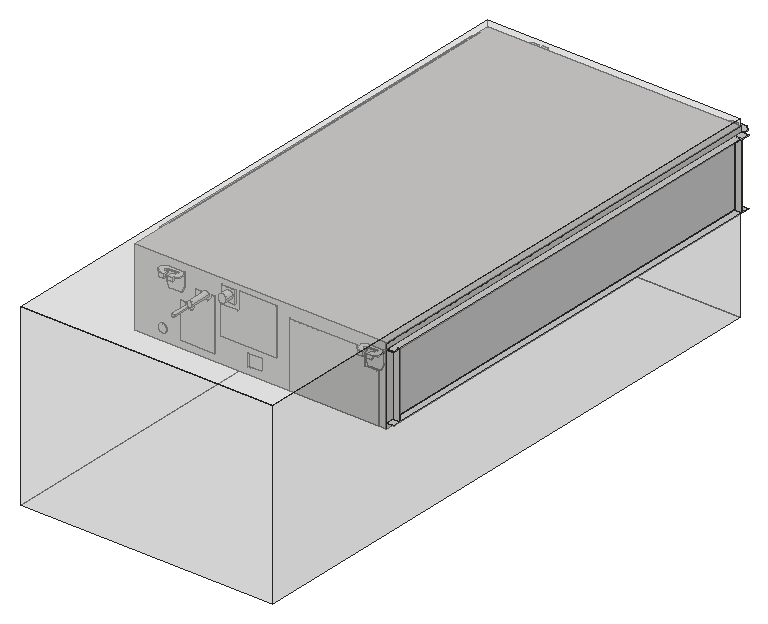
Revit family "outputfile", category 機械設備, Revit 2024
Family settings
  丸型コネクタ寸法 = 半径を使用
  パーツ タイプ = 標準
  OmniClass 番号 = 23.75.10.24.21.27.27
  OmniClass タイトル = Split System Air Conditioning Units
  作業面ベース = いいえ
  常に垂直 = はい
  ロード時にボイドで切り取り = いいえ
  注釈の向きを維持 = いいえ
  共有 = いいえ
  部屋計算ポイント = はい
Parameters (values of type "FBA30BV2S")
  Description = ""
  製造元 = "Daikin"
  書き出し IFC クラス(タイプ) = "IfcUnitaryEquipmentType"
  定義済み IFC タイプ(タイプ) = "AIRCONDITIONINGUNIT"
  Cost = 0
  モデル = "FBA30BV2S"
  Type Comments = ""
  Keynote = ""
  Type Image = (empty or 0)
  Assembly Code = ""
  switch_frequency = yes
  r_Liquid Pipe Size = Liquid Pipe Size / 2  # 4.75 mm
  r_Gas Pipe Size = Gas Pipe Size / 2  # 7.95 mm
  r_Drain Pipe Size = Drain Pipe Size / 2  # 12.5 mm
  lw_power = 770.0 mm  # constant formula
  lh_SA = 138.0 mm  # constant formula
  lw_SA = if(Depth = 550.0 mm, 225.0 mm, if(Depth = 700.0 mm, 300.0 mm, if(Depth = 1000.0 mm, 450.0 mm, if(Depth = 1400.0 mm, 650.0 mm, 725.0 mm))))  # 650.0 mm
  lw_RA = if(Depth = 550.0 mm, 275.0 mm, if(Depth = 700.0 mm, 349.0 mm, if(Depth = 1000.0 mm, 499.0 mm, if(Depth = 1400.0 mm, 699.0 mm, 775.0 mm))))  # 699.0 mm
  lh_power = 60.0 mm + [h***]  # 60.0 mm
  lh_mountinghole1 = lh_mountinghole + [h***]  # 222.0 mm
  lh_RA = 123.0 mm  # constant formula
  ld_power = Depth / 2  # 700.0 mm
  connector_voltage = Voltage_50Hz  # 220 V
  connector_powerinput = [Power Input (Cooling)]  # 2.540 kW
  connector_phase = Phase_50Hz  # 1
  Voltage_comment_50Hz = "220 - 240"
  Voltage_50Hz = 220 V
  URL = ""
  Supply Air Direction [instance] = yes
  Sound Power Level_H speed (dB) = 0
  Phase_50Hz = 1
  Minimum External Static Pressure = 50.00 Pa
  Minimum Circuit Amps_50Hz = 2.3 A
  Maximum Fuse Amps_50Hz = 16.0 A
  Maximum External Static Pressure = 150.00 Pa
  Material_Casing = DAIKIN_GalvanizedSteel_Casing_indoorunit
  lw_mountinghole = 630.0 mm  # constant formula
  lh_gaspipe = 183.0 mm + [h***]  # 183.0 mm
  lh_mountinghole = 222.0 mm  # constant formula
  lh_liquidpipe = 136.0 mm + [h***]  # 136.0 mm
  lh_drainpipe = 207.0 mm + [h***]  # 207.0 mm
  lh_antena = Height - lh_mountinghole + 1.0 mm  # 24.0 mm
  ld_drainpipe = Depth / 2 + 26.0 mm  # 726.0 mm
  ld_liquidpipe = Depth / 2 + 69.0 mm  # 769.0 mm
  ld_gaspipe = Depth / 2 + 65.0 mm  # 765.0 mm
  ld_mountinghole = Depth + 38.0 mm  # 1438.0 mm
  h*** = 0.0 mm  # constant formula
  lw_liquidpipe = 179.0 mm  # constant formula
  lw_gaspipe = 229.0 mm  # constant formula
  lw_drainpipe = 300.0 mm  # constant formula
  Width = 800.0 mm
  Version = "ver.1.0"
  Unit Type = "M.S.P. Duct"
  Unit Mass Weight = 47.00 kg
  Unit Designation [instance] = ""
  Uniclass2015Version = "Products v1.30"
  Uniclass2015Title = "Split coil room air conditioning units"
  Uniclass2015Code = "Pr_70_65_03_86"
  Total Cooling Capacity [instance] = 0.000 kW
  Sound Pressure Level_M speed (dBA) = 35.5
  Sound Pressure Level_L speed (dBA) = 33
  Sound Pressure Level_H speed (dBA) = 38
  Series = "SkyAir_Fan Coil Unit"
  Sensible Cooling Capacity [instance] = 0.000 kW
  SA Duct Size Width = 1192.0 mm
  SA Duct Size Height = 176.0 mm
  Refrigerant Type = "R32"
  RA Duct Size Width = 1352.0 mm
  RA Duct Size Height = 208.0 mm
  Power Input (Cooling) = 2.540 kW
  Option Accessory 3 [instance] = ""
  Option Accessory 2 [instance] = ""
  Option Accessory 1 [instance] = ""
  Nominal Cooling Capacity = 9.100 kW
  Minimum Airflow = 1350.00 m³/h
  Median Airflow = 1620.00 m³/h
  Maximum Airflow = 1920.00 m³/h
  Load Classification = HVAC
  Liquid Pipe Size = 9.5 mm
  Link_Nested Family [instance] = ""
  IfcVersion = ""
  IfcExportType = "AIRCONDITIONINGUNIT"
  IfcExportAs = "IfcUnitaryEquipmentType"
  Height = 245.0 mm
  Heat Exchanger Type = "Cross Fin Coil"
  Gas Pipe Size = 15.9 mm
  Frequency_50Hz = 50 Hz
  Fan Type = "Sirocco Fan"
  Fan Drive = "Direct Drive"
  FCU Tag No. [instance] = ""
  Drain Pipe Size = 25.0 mm
  Design Supply Airflow [instance] = 0.00 m³/h
  Design Return Airflow [instance] = 0.00 m³/h
  Design External Static Pressure [instance] = 0.00 Pa
  Depth = 1400.0 mm
  既定の高さ = 0.0 mm
  Cooling Entering Wet Bulb Temperature [instance] = 0.00 °C
  Cooling Entering Dry Bulb Temperature [instance] = 0.00 °C
  Cooling Ambient Wet Bulb Temperature [instance] = 0.00 °C
  Cooling Ambient Dry Bulb Temperature [instance] = 0.00 °C
  Clearance visibility [instance] = yes
  Clearance Top = 20.0 mm
  Clearance Right = 0.0 mm
  Clearance Rear = 0.0 mm
  Clearance Left = 0.0 mm
  Clearance Front = 450.0 mm
  Clearance Bottom = 300.0 mm
Reference planes
  plane 1 "Center (Front/Back)": y = 0
  plane 2 "h": z = 0
  plane 3 "Center (Left/Right)": x = 0
  plane 4 "Back": y = 700
  plane 5 "Front": y = -700
  plane 6 "Left": x = -400
  plane 7 "Right": x = 400
  plane 8 "Top": z = 0
  plane 9 "Bottom": z = -245
  plane 10: y = -215
  plane 11: y = 700
  plane 12: y = -1150
  plane 13: x = -400
  plane 14: x = 400
  plane 15: z = 20
  plane 16: z = -545
  plane 17: x = -400
  plane 18: x = -399
  plane 19: x = 399
  plane 20: y = 50
  plane 21: y = -1
  plane 22: z = -122
  plane 23: y = -701
  plane 24: z = -109
  plane 25: x = -221
  plane 26: y = -765
  plane 27: z = -62
  plane 28: x = -171
  plane 29: y = -726
  plane 30: z = -38
  plane 31: x = -100
  plane 32: x = -100
  plane 33: x = -221
  plane 34: x = -171
  plane 35: x = 370
  plane 36: x = -266
  plane 37: x = 364
  plane 38: y = -719
  plane 39: y = 719
  plane 40: z = -23
  plane 41: z = -107
  plane 42: y = -769
  plane 43: z = -207
  plane 44: x = -309
  plane 45: y = -376
  plane 46: x = -251
  plane 47: x = -203
  plane 48: x = -144
  plane 49: z = -59
  plane 50: z = -106
  plane 51: z = -221
  plane 52: z = -109
  plane 53: x = -221
  plane 54: z = -62
  plane 55: x = -171
  plane 56: z = -17
  plane 57: z = -59
  plane 58: x = -121
  plane 59: x = -79
  plane 60: x = -125
  plane 61: x = -64
  plane 62: x = 53
  plane 63: z = -164
  plane 64: z = -73
  plane 65: z = -16
  plane 66: x = 93.5
  plane 67: x = 374.5
  plane 68: x = 330
  plane 69: z = -88.5
  plane 70: z = -38
  plane 71: z = -242.5
  plane 72: x = -38.5
  plane 73: x = 6.5
  plane 74: z = -181
  plane 75: z = -221
  plane 76: y = -699
  plane 77: x = -424
  plane 78: x = 424
Forms (mm)
  Extrusion 1, solid, material "DAIKIN_GalvanizedSteel_Casing_indoorunit" <- "Material_Casing"
    sketch origin (0, 0, 0) x (1, 0, 0) y (0, 1, 0)
      loop
        line (-399, 700) -> (-399, -700) -> (399, -700) -> (399, 700) -> (-399, 700)
    from -245 to 0
  Extrusion 2, solid, material "DAIKIN_GalvanizedSteel_Casing_indoorunit" <- "Material_Casing"
    sketch origin (0, 0, 0) x (1, 0, 0) y (0, 0, 1)
      loop
        line (-251, -221) -> (-144, -221) -> (-144, -59) -> (-154.47, -59)
        arc (-154.47, -59) -> (-171, -78.8) -> (-187.53, -59) r 16.8
        line (-187.53, -59) -> (-203, -59) -> (-203, -106) -> (-206.916, -106)
        arc (-206.916, -106) -> (-221, -123.4) -> (-235.084, -106) r 14.4
        line (-235.084, -106) -> (-251, -106) -> (-251, -221)
    from 700 to 701
  Extrusion 3, solid, material "DAIKIN_GalvanizedSteel_Casing_indoorunit" <- "Material_Casing"
    sketch origin (0, 0, 0) x (1, 0, 0) y (0, 0, 1)
      loop
        line (-121, -17) -> (-121, -59) -> (-79, -59) -> (-79, -17) -> (-121, -17)
      loop
        line (-125, -73) -> (-125, -164) -> (53, -164) -> (53, -16) -> (-64, -16) -> (-64, -73) -> (-125, -73)
    from 700 to 701
  Extrusion 4, solid, material "DAIKIN_GalvanizedSteel_Casing_indoorunit" <- "Material_Casing"
    sketch origin (0, 0, 0) x (1, 0, 0) y (0, 0, 1)
      loop
        line (93.5, -38) -> (93.5, -242.5) -> (374.5, -242.5) -> (374.5, -88.5) -> (330, -88.5) -> (330, -38) -> (93.5, -38)
    from 700 to 701
  Extrusion 5, solid, material "DAIKIN_GalvanizedSteel_Casing_indoorunit" <- "Material_Casing"
    sketch origin (0, 0, 0) x (1, 0, 0) y (0, 0, 1)
      loop
        circle (-221, -109) r 4.75
    from 700 to 769
  Extrusion 6, solid, material "DAIKIN_GalvanizedSteel_Casing_indoorunit" <- "Material_Casing"
    sketch origin (0, 0, 0) x (1, 0, 0) y (0, 0, 1)
      loop
        circle (-171, -62) r 7.95
    from 700 to 765
  Extrusion 7, solid, material "DAIKIN_GalvanizedSteel_Casing_indoorunit" <- "Material_Casing"
    sketch origin (0, 0, 0) x (1, 0, 0) y (0, 0, 1)
      loop
        circle (-100, -38) r 12.5
    from 701 to 726
  Extrusion 8, solid, material "DAIKIN_GalvanizedSteel_Casing_indoorunit" <- "Material_Casing"
    sketch origin (0, 0, 0) x (1, 0, 0) y (0, 0, 1)
      loop
        circle (-309, -207) r 13
    from 700 to 526
  Extrusion 9, void
    sketch origin (0, 0, 0) x (1, 0, 0) y (0, 0, 1)
      loop
        line (-38.5, -181) -> (-38.5, -221) -> (6.5, -221) -> (6.5, -181) -> (-38.5, -181)
    from 699 to 700
Cuts and joins
  Extrusion 9 cuts Extrusion 1
Dimensions and locks
  "Height": plane 8 "Top" to plane 9 "Bottom"
  equal spacing: plane 4 "Back", plane 1 "Center (Front/Back)", plane 5 "Front"
  "Depth": plane 4 "Back" to plane 5 "Front"
  equal spacing: plane 6 "Left", plane 3 "Center (Left/Right)", plane 7 "Right"
  "Width": plane 6 "Left" to plane 7 "Right"
  "Clearance Left": plane 13 to plane 6 "Left"
  "Clearance Right": plane 7 "Right" to plane 14
  "Clearance Rear": plane 11 to plane 4 "Back"
  "Clearance Front": plane 5 "Front" to plane 12
  "Clearance Top": plane 15 to plane 8 "Top"
  "Clearance Bottom": plane 9 "Bottom" to plane 16
  locked: plane 17 to plane 18 at 1
  locked: plane 19 to plane 14 at 1
  "lw_SA": plane 11 to plane 20
  "lw_RA": plane 21 to plane 5 "Front"
  "lh_RA": plane 22 to plane 9 "Bottom"
  locked: plane 5 "Front" to plane 23 at 1
  "lw_liquidpipe": plane 25 to plane 6 "Left"
  "lh_liquidpipe": plane 24 to plane 9 "Bottom"
  "lh_gaspipe": plane 27 to plane 9 "Bottom"
  "lw_gaspipe": plane 28 to plane 6 "Left"
  "ld_gaspipe": plane 26 to plane 1 "Center (Front/Back)"
  "ld_drainpipe": plane 29 to plane 1 "Center (Front/Back)"
  "lh_drainpipe": plane 30 to plane 9 "Bottom"
  "lw_drainpipe": plane 31 to plane 6 "Left"
  "lw_drainpipe": plane 6 "Left" to plane 32
  "lw_liquidpipe": plane 6 "Left" to plane 33
  "lw_gaspipe": plane 6 "Left" to plane 34
  "lw_power": plane 6 "Left" to plane 35
  locked: plane 17 to plane 36 at 134
  "lw_mountinghole": plane 36 to plane 37
  equal spacing: plane 38, plane 1 "Center (Front/Back)", plane 39
  "ld_mountinghole": plane 39 to plane 38
  "lh_mountinghole": plane 40 to plane 9 "Bottom"
  "lh_SA": plane 41 to plane 9 "Bottom"
  locked: plane 44 to plane 6 "Left" at 91
  locked: plane 43 to plane 9 "Bottom" at 38
  plane 48 to plane 47 to plane 46 to plane 6 "Left" = 59.0 mm, 48.0 mm, 149.0 mm
  plane 8 "Top" to plane 49 to plane 50 to plane 51 = 59.0 mm locked, 47.0 mm locked, 115.0 mm locked
  plane 55 to plane 53 to plane 6 "Left" = 50.0 mm locked, 179.0 mm locked
  plane 54 to plane 52 to plane 9 "Bottom" = 47.0 mm locked, 136.0 mm locked
  plane 59 to plane 58 to plane 6 "Left" = 42.0 mm locked, 279.0 mm locked
  plane 8 "Top" to plane 56 to plane 57 = 17.0 mm locked, 42.0 mm locked
  plane 62 to plane 61 to plane 60 to plane 6 "Left" = 117.0 mm, 61.0 mm, 275.0 mm
  plane 8 "Top" to plane 65 to plane 64 = 16.0 mm locked, 57.0 mm locked
  locked: plane 65 to plane 63 at 148
  plane 8 "Top" to plane 70 to plane 69 to plane 71 = 38.0 mm locked, 50.5 mm locked, 154.0 mm locked
  plane 67 to plane 68 to plane 66 to plane 6 "Left" = 44.5 mm locked, 236.5 mm locked, 493.5 mm locked
  plane 8 "Top" to plane 74 to plane 75 = 181.0 mm locked, 40.0 mm locked
  plane 73 to plane 72 to plane 6 "Left" = 45.0 mm, 361.5 mm
  locked: plane 76 to plane 5 "Front" at 1
  locked: plane 77 to plane 17 at 24
  locked: plane 14 to plane 78 at 24
  "ld_liquidpipe": plane 42 to plane 1 "Center (Front/Back)"
  "r_Liquid Pipe Size": radius of Extrusion 5 sketch curve
  "r_Gas Pipe Size": radius of Extrusion 6 sketch curve
  "r_Drain Pipe Size": radius of Extrusion 7 sketch curve
  aligned and locked: level to plane 2 "h"
  aligned and locked: plane 8 "Top" to Extrusion 1
  aligned and locked: Extrusion 1 to plane 9 "Bottom"
  aligned and locked: nested 5 to plane 12
  aligned and locked: plane 13 to nested 5
  aligned and locked: plane 14 to nested 5
  aligned and locked: nested 5 to plane 13
  aligned and locked: plane 11 to nested 5
  aligned and locked: plane 15 to nested 5
  aligned and locked: plane 16 to nested 5
  aligned and locked: plane 5 "Front" to Extrusion 1 sketch curve
  aligned and locked: Extrusion 1 to plane 18
  aligned and locked: plane 19 to Extrusion 1
  aligned and locked: nested 7 to plane 18
  aligned and locked: nested 7 to plane 20
  aligned and locked: plane 19 to nested 8
  aligned and locked: plane 21 to nested 8
  aligned and locked: plane 22 to nested 8
  aligned and locked: Extrusion 2 to plane 23
  aligned and locked: plane 5 "Front" to Extrusion 2
  aligned and locked: Extrusion 3 to plane 23
  aligned and locked: plane 5 "Front" to Extrusion 3
  aligned and locked: plane 5 "Front" to Extrusion 4
  aligned and locked: Extrusion 5 sketch curve to plane 25
  aligned and locked: plane 24 to Extrusion 5 sketch curve
  aligned and locked: plane 5 "Front" to Extrusion 5
  aligned and locked: Extrusion 6 sketch curve to plane 28
  aligned and locked: plane 27 to Extrusion 6 sketch curve
  aligned and locked: plane 5 "Front" to Extrusion 6
  aligned and locked: Extrusion 7 sketch curve to plane 31
  aligned and locked: Extrusion 7 sketch curve to plane 30
  aligned and locked: Extrusion 7 to plane 29
  aligned and locked: plane 23 to Extrusion 7
  aligned and locked: nested 3 to plane 29
  aligned and locked: nested 3 to plane 32
  aligned and locked: nested 2 to plane 33
  aligned and locked: nested 1 to plane 34
  aligned and locked: Extrusion 6 to plane 26
  aligned and locked: nested 1 to plane 26
  aligned and locked: nested 6 to plane 5 "Front"
  aligned and locked: nested 6 to plane 35
  aligned and locked: plane 36 to nested 10
  aligned and locked: nested 10 to plane 5 "Front"
  aligned and locked: plane 37 to nested 9
  aligned and locked: nested 9 to plane 5 "Front"
  aligned and locked: nested 11 to plane 36
  aligned and locked: plane 4 "Back" to nested 11
  aligned and locked: nested 12 to plane 37
  aligned and locked: plane 4 "Back" to nested 12
  aligned and locked: plane 40 to nested 10
  aligned and locked: plane 40 to nested 11
  aligned and locked: plane 40 to nested 9
  aligned and locked: plane 40 to nested 12
  aligned and locked: plane 36 to nested 14
  aligned and locked: nested 14 to plane 39
  aligned and locked: plane 37 to nested 13
  aligned and locked: nested 13 to plane 39
  aligned and locked: plane 37 to nested 16
  aligned and locked: plane 38 to nested 16
  aligned and locked: plane 38 to nested 15
  aligned and locked: plane 36 to nested 15
  aligned and locked: plane 17 to plane 6 "Left"
  aligned and locked: plane 41 to nested 7
  aligned and locked: Extrusion 5 to plane 42
  aligned and locked: nested 2 to plane 42
  aligned and locked: Extrusion 8 sketch curve to plane 44
  aligned and locked: plane 43 to Extrusion 8 sketch curve
  aligned and locked: plane 5 "Front" to Extrusion 8
  aligned and locked: Extrusion 3 sketch curve to plane 56
  aligned and locked: Extrusion 3 sketch curve to plane 58
  aligned and locked: plane 57 to Extrusion 3 sketch curve
  aligned and locked: plane 59 to Extrusion 3 sketch curve
  aligned and locked: Extrusion 4 to plane 23
  aligned and locked: Extrusion 9 sketch curve to plane 74
  aligned and locked: plane 75 to Extrusion 9 sketch curve
  aligned and locked: plane 73 to Extrusion 9 sketch curve
  aligned and locked: plane 5 "Front" to Extrusion 9
  aligned and locked: plane 76 to Extrusion 9
  aligned and locked: nested 17 to plane 20
  aligned and locked: nested 17 to plane 77
  aligned and locked: plane 21 to nested 18
  aligned and locked: plane 78 to nested 18
  aligned and locked: plane 41 to nested 17
  aligned and locked: nested 18 to plane 22
  aligned and locked: nested 4 to plane 3 "Center (Left/Right)"
  aligned and locked: plane 1 "Center (Front/Back)" to nested 4
  aligned and locked: level to plane 8 "Top"
Automatic sketch dimensions
  plane 6 "Left" to Extrusion 1 sketch curve = 1.0 mm
  Extrusion 1 sketch curve to plane 7 "Right" = 1.0 mm
  Extrusion 1 sketch curve to plane 4 "Back" = 0.0 mm
  Extrusion 2 sketch curve to plane 46 = 0.0 mm
  Extrusion 2 sketch curve to plane 33 = 0.0 mm
  Extrusion 2 sketch curve to plane 47 = 0.0 mm
  Extrusion 2 sketch curve to plane 34 = 0.0 mm
  Extrusion 2 sketch curve to plane 48 = 0.0 mm
  Extrusion 2 sketch curve to plane 51 = 0.0 mm
  Extrusion 2 sketch curve to plane 52 = 0.0 mm
  Extrusion 2 sketch curve to plane 50 = 0.0 mm  (x3)
  Extrusion 2 sketch curve to plane 54 = 0.0 mm
  Extrusion 2 sketch curve to plane 49 = 0.0 mm  (x3)
  plane 33 to Extrusion 2 sketch curve = 14.084 mm
  plane 34 to Extrusion 2 sketch curve = 16.53 mm
  Extrusion 3 sketch curve to plane 60 = 0.0 mm
  Extrusion 3 sketch curve to plane 61 = 0.0 mm
  Extrusion 3 sketch curve to plane 62 = 0.0 mm
  Extrusion 3 sketch curve to plane 63 = 0.0 mm
  Extrusion 3 sketch curve to plane 64 = 0.0 mm
  Extrusion 3 sketch curve to plane 65 = 0.0 mm
  Extrusion 4 sketch curve to plane 66 = 0.0 mm
  Extrusion 4 sketch curve to plane 68 = 0.0 mm
  Extrusion 4 sketch curve to plane 67 = 0.0 mm
  Extrusion 4 sketch curve to plane 71 = 0.0 mm
  Extrusion 4 sketch curve to plane 69 = 0.0 mm
  Extrusion 4 sketch curve to plane 70 = 0.0 mm
  Extrusion 9 sketch curve to plane 72 = 0.0 mm
  radius of Extrusion 8 sketch curve = 13.0 mm
Nested families
  nested 1: "daikin_connector_rotate2" at (-171, 0, -62), length <- "ld_gaspipe", built-in parameter 1001364 <- "lh_gaspipe", radius <- "r_Gas Pipe Size", type "daikin_connector_rotate2"
    with radius 7.95 mm, length 765.0 mm, angle_vertical 90.00°
  nested 2: "daikin_connector_rotate2" at (-221, 0, -109), length <- "ld_liquidpipe", built-in parameter 1001364 <- "lh_liquidpipe", radius <- "r_Liquid Pipe Size", type "daikin_connector_rotate2"
    with radius 4.75 mm, length 769.0 mm, angle_vertical 90.00°
  nested 3: "daikin_connector_rotate2" at (-100, 0, -38), length <- "ld_drainpipe", built-in parameter 1001364 <- "lh_drainpipe", radius <- "r_Drain Pipe Size", type "daikin_connector_rotate2"
    with radius 12.5 mm, length 726.0 mm, angle_vertical 90.00°
  nested 4: "daikin_△_symbolicline" at (0, 0, 245) x (0, -1, 0) z (0, 0, 1), built-in parameter 1001364 <- "Height", visible <- "Supply Air Direction", type "daikin_△_symbolicline"
    with length 200.0 mm
  nested 5: "daikin_clearancespace" at (0, -225, -262.381), visible <- "Clearance visibility", show <- "Clearance visibility", Link_Nested Family <- "Link_Nested Family", type "daikin_clearancespace"
    with width 800.0 mm, show yes, height 565.0 mm, depth 1850.0 mm, Link_Nested Family ""
  nested 6: "daikin_connector_rotate2" at (370, 0, -185), built-in parameter 1001364 <- "lh_power", length <- "ld_power", type "daikin_connector_rotate2"
    with radius 10.0 mm, length 700.0 mm, angle_vertical 90.00°
  nested 7: "daikin_ductflange_FBA-BV2S2" at (-399, 50, -107) x (0, -1, 0) z (0, 0, 1), type "daikin_ductflange_FBA-BV2S2"
  nested 8: "daikin_ductflange_FBA-BV2S" at (399, -1, -122) x (0, 1, 0) z (0, 0, 1), type "daikin_ductflange_FBA-BV2S"
    with width 1352.0 mm, lw 25.0 mm, w 1400.0 mm
  nested 9: "daikin_hangerfixture_FBA-BV2S" at (364, -700, -23), type "daikin_hangerfixture_FBA-BV2S"
  nested 10: "daikin_hangerfixture_FBA-BV2S" at (-266, -700, -23), type "daikin_hangerfixture_FBA-BV2S"
  nested 11: "daikin_hangerfixture_FBA-BV2S" at (-266, 700, -23) x (-1, 0, 0) z (0, 0, 1), type "daikin_hangerfixture_FBA-BV2S"
  nested 12: "daikin_hangerfixture_FBA-BV2S" at (364, 700, -23) x (-1, 0, 0) z (0, 0, 1), type "daikin_hangerfixture_FBA-BV2S"
  nested 13: "daikin_mountinghole" at (364, 719, -245), h_mountinghole <- "lh_mountinghole1", l_antenna <- "lh_antena", Link_Nested Family <- "Link_Nested Family", type "daikin_mountinghole"
    with show yes, l_antenna 24.0 mm, h_mountinghole 222.0 mm, Link_Nested Family ""
  nested 14: "daikin_mountinghole" at (-266, 719, -245), h_mountinghole <- "lh_mountinghole1", l_antenna <- "lh_antena", Link_Nested Family <- "Link_Nested Family", type "daikin_mountinghole"
    with show yes, l_antenna 24.0 mm, h_mountinghole 222.0 mm, Link_Nested Family ""
  nested 15: "daikin_mountinghole" at (-266, -719, -245), h_mountinghole <- "lh_mountinghole1", l_antenna <- "lh_antena", Link_Nested Family <- "Link_Nested Family", type "daikin_mountinghole"
    with show yes, l_antenna 24.0 mm, h_mountinghole 222.0 mm, Link_Nested Family ""
  nested 16: "daikin_mountinghole" at (364, -719, -245), h_mountinghole <- "lh_mountinghole1", l_antenna <- "lh_antena", Link_Nested Family <- "Link_Nested Family", type "daikin_mountinghole"
    with show yes, l_antenna 24.0 mm, h_mountinghole 222.0 mm, Link_Nested Family ""
  nested 17: "daikin_connector_rotate2" at (-400, 50, -107) x (0, -1, 0) z (0, 0, 1), type "daikin_connector_rotate2"
    with radius 10.0 mm, length 24.0 mm, angle_vertical 90.00°
  nested 18: "daikin_connector_rotate2" at (400, -1, -122) x (0, 1, 0) z (0, 0, 1), type "daikin_connector_rotate2"
    with radius 10.0 mm, length 24.0 mm, angle_vertical 90.00°
Connectors
  piping at (-100, -726, -38), diameter 25, driven by "r_Drain Pipe Size"
    settings: on nested 3, index 3, connector inside diameter 609.6 mm, connector length 0.0 mm, flow factor 0, pipe flow 0.00 m³/h, pressure drop 0.0 Pa, fitting loss kfactor 0, connector angle 0.00°, fixture units 0, engagement length 0.0 mm, angle of deflection 0.00°, flow configuration 1, flow direction 2, fitting loss method 4, system type 16, joint type 0, gender type 0, connector reference index -1, connector utility 0, adjustable connector no, is connector primary yes, connector description "Condensate Drain Piping"
  piping at (-171, -765, -62), diameter 15.9, driven by "r_Gas Pipe Size"
    settings: on nested 1, index 4, connector inside diameter 609.6 mm, connector length 0.0 mm, flow factor 0, pipe flow 0.00 m³/h, pressure drop 0.0 Pa, fitting loss kfactor 0, connector angle 0.00°, fixture units 0, engagement length 0.0 mm, angle of deflection 0.00°, flow configuration 1, flow direction 2, fitting loss method 0, system type 29, joint type 0, gender type 0, connector reference index -1, connector utility 0, adjustable connector no, is connector primary no, connector description "Refrigerant Gas Piping"
  piping at (-221, -769, -109), diameter 9.5, driven by "r_Liquid Pipe Size"
    settings: on nested 2, index 5, connector inside diameter 609.6 mm, connector length 0.0 mm, flow factor 0, pipe flow 0.00 m³/h, pressure drop 0.0 Pa, fitting loss kfactor 0, connector angle 0.00°, fixture units 0, engagement length 0.0 mm, angle of deflection 0.00°, flow configuration 1, flow direction 1, fitting loss method 0, system type 29, joint type 0, gender type 0, connector reference index -1, connector utility 0, adjustable connector no, is connector primary no, connector description "Refrigerant Liquid Piping"
  electrical at (370, -700, -185), driven by "Load Classification", driven by "connector_voltage", driven by "connector_phase", driven by "connector_powerinput"
    settings: on nested 6, index 6, voltage 220 V, apparent load 2540 VA, apparent load phase1 0 VA, apparent load phase2 0 VA, apparent load phase3 0 VA, power factor 1, load classification "HVAC", number of poles 1, system type 30, power factor state 1, is connector primary yes, connector utility no, sub classification motor no, connector description "Power Supply"
  hvac at (-424, 50, -107), driven by "SA Duct Size Height", driven by "SA Duct Size Width"
    settings: on nested 17, index 7, duct flow 0.00 m³/h, flow factor 0, pres drop 0.00 Pa, loss coef 0, conn angle 0.00°, conn width 1192.0 mm, conn height 176.0 mm, conn diameter 609.6 mm, duct sys type 1, conn prof type 1, flow config 0, flow direction 2, loss method 4, conn ref index -1, conn util no, is conn primary yes, conn desc "SA Duct"
  hvac at (424, -1, -122), driven by "RA Duct Size Height", driven by "RA Duct Size Width"
    settings: on nested 18, index 8, duct flow 0.00 m³/h, flow factor 0, pres drop 0.00 Pa, loss coef 0, conn angle 0.00°, conn width 1352.0 mm, conn height 208.0 mm, conn diameter 609.6 mm, duct sys type 2, conn prof type 1, flow config 0, flow direction 1, loss method 4, conn ref index -1, conn util no, is conn primary no, conn desc "RA Duct"
Definition of nested family "daikin_clearancespace"
  Parameters (values of type "daikin_clearancespace")
    Description = "daikin_clearancespace"
    width [instance] = 1823.963 mm
    show [instance] = yes
    material = none
    height [instance] = 1359.762 mm
    depth [instance] = 880.0 mm
    Default Elevation = 0.0 mm
    Link_Nested Family [instance] = ""
  Reference planes
    plane 1 "Center (Front/Back)": y = 0
    plane 2 "Center (Elevation)": z = -0.119
    plane 3 "Center (Left/Right)": x = 0
    plane 4: y = 440
    plane 5: y = -440
    plane 6 "Right": x = 911.982
    plane 7 "Left": x = -911.982
    plane 8 "Top": z = 679.762
    plane 9 "Bottom": z = -680
  Forms (mm)
    Extrusion 1, solid, material <- "material", visible <- "show"
      sketch origin (0, 0, 0) x (1, 0, 0) y (0, 1, 0)
        loop
          line (-911.982, 440) -> (-911.982, -440) -> (911.982, -440) -> (911.982, 440) -> (-911.982, 440)
      from -680 to 679.762
  Lines and regions (mm)
    symbolic lines, visible <- "show"
      curve 1: line (911.982, 440, 0) -> (-911.982, 440, 0)
      curve 2: line (-911.982, 440, 0) -> (-911.982, -440, 0)
      curve 3: line (-911.982, -440, 0) -> (911.982, -440, 0)
      curve 4: line (911.982, -440, 0) -> (911.982, 440, 0)
      curve 5: line (911.982, 0, 679.762) -> (-911.982, 0, 679.762)
      curve 6: line (911.982, 0, -680) -> (911.982, 0, 679.762)
      curve 7: line (-911.982, 0, -680) -> (911.982, 0, -680)
      curve 8: line (-911.982, 0, 679.762) -> (-911.982, 0, -680)
      curve 9: line (0, 440, 679.762) -> (0, -440, 679.762)
      curve 10: line (0, -440, 679.762) -> (0, -440, -680)
      curve 11: line (0, 440, -680) -> (0, 440, 679.762)
      curve 12: line (0, -440, -680) -> (0, 440, -680)
  Dimensions and locks
    "width": plane 7 "Left" to plane 6 "Right"
    "depth": plane 4 to plane 5
    "height": plane 8 "Top" to plane 9 "Bottom"
    equal spacing: plane 7 "Left", plane 3 "Center (Left/Right)", plane 6 "Right"
    equal spacing: plane 4, plane 1 "Center (Front/Back)", plane 5
    equal spacing: plane 8 "Top", plane 2 "Center (Elevation)", plane 9 "Bottom"
    aligned and locked: level to plane 2 "Center (Elevation)"
    aligned and locked: Extrusion 1 sketch curve to plane 4
    aligned and locked: plane 7 "Left" to Extrusion 1 sketch curve
    aligned and locked: Extrusion 1 sketch curve to plane 5
    aligned and locked: Extrusion 1 sketch curve to plane 6 "Right"
    aligned and locked: plane 8 "Top" to Extrusion 1
    aligned and locked: curve 1 to Extrusion 1
    aligned and locked: curve 2 to Extrusion 1
    aligned and locked: curve 3 to Extrusion 1
    aligned and locked: curve 4 to Extrusion 1
    aligned and locked: curve 5 to Extrusion 1
    aligned and locked: curve 6 to Extrusion 1
    aligned and locked: curve 7 to Extrusion 1
    aligned and locked: curve 8 to Extrusion 1
    aligned and locked: curve 9 to Extrusion 1
    aligned and locked: curve 10 to Extrusion 1
    aligned and locked: curve 11 to Extrusion 1
    aligned and locked: curve 12 to Extrusion 1
    aligned and locked: Extrusion 1 to plane 9 "Bottom"
Definition of nested family "daikin_ductflange_FBA-BV2S2"
  Parameters (values of type "daikin_ductflange_FBFC-DVMG2")
    width = if(w = 550.0 mm, 337.0 mm, if(w = 700.0 mm, 492.0 mm, if(w = 1000.0 mm, 792.0 mm, if(w = 1400.0 mm, 1192.0 mm, 1337.0 mm))))  # 1192.0 mm
    material = none
    height = 215.0 mm
    depth = 1.0 mm
    w = 1400.0 mm
    Default Elevation = 0.0 mm
  Reference planes
    plane 1 "Center (Front/Back)": y = 0
    plane 2: z = 0
    plane 3 "Center (Left/Right)": x = 0
    plane 4: z = 88
    plane 5: z = -88
    plane 6: y = -25
    plane 7: z = 106
    plane 8: z = 89
    plane 9: y = -1
    plane 10: x = -617.5
    plane 11: x = 617.5
    plane 12: z = -106
    plane 13: z = -89
    plane 14: y = -1
    plane 15: x = 596
    plane 16: x = -596
    plane 17: x = 597
    plane 18: z = 87
    plane 19: z = -87
    plane 20: x = -597
    plane 21: z = 87
    plane 22: z = -87
    plane 23: y = -1
  Forms (mm)
    Extrusion 1, solid, material <- "material"
      sketch origin (0, 0, 0) x (0, 1, 0) y (0, 0, 1)
        loop
          line (-25, 88) -> (0, 88) -> (0, 106) -> (-1, 106) -> (-1, 89) -> (-25, 89) -> (-25, 88)
      from -617.5 to 617.5
    Extrusion 2, solid, material <- "material"
      sketch origin (0, 0, 0) x (0, 1, 0) y (0, 0, 1)
        loop
          line (-25, -88) -> (-25, -89) -> (-1, -89) -> (-1, -106) -> (0, -106) -> (0, -88) -> (-25, -88)
      from -617.5 to 617.5
    Extrusion 3, solid, material <- "material"
      sketch origin (0, 0, 0) x (1, 0, 0) y (0, 0, 1)
        loop
          line (596, 88) -> (596, -88) -> (617.5, -88) -> (617.5, -87) -> (597, -87) -> (597, 87) -> (617.5, 87) -> (617.5, 88) -> (596, 88)
      from 0 to 25
    Extrusion 4, solid, material <- "material"
      sketch origin (0, 0, 0) x (1, 0, 0) y (0, 0, 1)
        loop
          line (-617.5, 88) -> (-617.5, 87) -> (-597, 87) -> (-597, -87) -> (-617.5, -87) -> (-617.5, -88) -> (-596, -88) -> (-596, 88) -> (-617.5, 88)
      from 0 to 25
    Extrusion 5, solid, material <- "material"
      sketch origin (0, 0, 0) x (1, 0, 0) y (0, 0, 1)
        loop
          line (-617.5, 88) -> (-617.5, -88) -> (-596, -88) -> (-596, 88) -> (-617.5, 88)
        loop
          line (617.5, 88) -> (596, 88) -> (596, -88) -> (617.5, -88) -> (617.5, 88)
      from 0 to 1
  Cuts and joins
    joined: Extrusion 1, Extrusion 2, Extrusion 3, Extrusion 4, Extrusion 5
  Dimensions and locks
    plane 4 to level to plane 5 = 88.0 mm, 88.0 mm
    locked: plane 6 to plane 1 "Center (Front/Back)" at 25
    locked: plane 9 to plane 1 "Center (Front/Back)" at 1
    locked: plane 8 to plane 4 at 1
    locked: plane 16 to plane 10 at 21.5
    locked: plane 17 to plane 15 at 1
    locked: plane 4 to plane 18 at 1
    locked: plane 19 to plane 5 at 1
    "width": plane 15 to plane 16
    plane 4 to plane 5 = 176.0 mm
    locked: plane 16 to plane 20 at 1
    locked: plane 4 to plane 21 at 1
    locked: plane 22 to plane 5 at 1
    locked: plane 23 to plane 1 "Center (Front/Back)" at 1
    plane 4 to level to plane 5 = 88.0 mm locked, 88.0 mm locked
    locked: plane 5 to plane 13 at 1
    locked: plane 5 to plane 12 at 18
    locked: plane 7 to plane 4 at 18
    equal spacing: plane 15, plane 3 "Center (Left/Right)", plane 16
    locked: plane 11 to plane 15 at 21.5
    plane 11 to plane 10 = 1235.0 mm
    aligned and locked: level to plane 2
    aligned and locked: Extrusion 1 to plane 10
    aligned and locked: plane 11 to Extrusion 1
    aligned and locked: plane 5 to Extrusion 2
    aligned and locked: Extrusion 2 to plane 1 "Center (Front/Back)"
    aligned and locked: plane 15 to Extrusion 3 sketch curve
    aligned and locked: Extrusion 3 sketch curve to Extrusion 2  (x2)
    aligned and locked: Extrusion 3 sketch curve to plane 11
    aligned and locked: plane 6 to Extrusion 3
    aligned and locked: Extrusion 2 to plane 10
    aligned and locked: plane 11 to Extrusion 2
    aligned and locked: Extrusion 4 sketch curve to Extrusion 1  (x2)
    aligned and locked: plane 5 to Extrusion 4 sketch curve
    aligned and locked: Extrusion 4 sketch curve to plane 16
    aligned and locked: Extrusion 4 sketch curve to plane 22
    aligned and locked: plane 20 to Extrusion 4 sketch curve
    aligned and locked: plane 21 to Extrusion 4 sketch curve
    aligned and locked: Extrusion 4 to plane 1 "Center (Front/Back)"
    aligned and locked: plane 6 to Extrusion 4
    aligned and locked: Extrusion 5 sketch curve to Extrusion 1  (x4)
    aligned and locked: Extrusion 5 sketch curve to Extrusion 4  (x2)
    aligned and locked: Extrusion 5 sketch curve to Extrusion 3  (x2)
    aligned and locked: Extrusion 5 to plane 1 "Center (Front/Back)"
    aligned and locked: plane 23 to Extrusion 5
  Automatic sketch dimensions
    Extrusion 1 sketch curve to plane 6 = 0.0 mm
    Extrusion 1 sketch curve to plane 7 = 0.0 mm
    Extrusion 1 sketch curve to plane 9 = 0.0 mm
    Extrusion 1 sketch curve to plane 1 "Center (Front/Back)" = 0.0 mm
    Extrusion 1 sketch curve to plane 4 = 0.0 mm
    Extrusion 1 sketch curve to plane 8 = 0.0 mm
    Extrusion 2 sketch curve to plane 6 = 0.0 mm
    plane 12 to Extrusion 2 sketch curve = 0.0 mm
    Extrusion 2 sketch curve to plane 14 = 0.0 mm
    Extrusion 2 sketch curve to plane 1 "Center (Front/Back)" = 0.0 mm
    plane 13 to Extrusion 2 sketch curve = 0.0 mm
    Extrusion 2 sketch curve to plane 5 = 0.0 mm
    Extrusion 3 sketch curve to plane 17 = 0.0 mm
    Extrusion 3 sketch curve to plane 19 = 0.0 mm
    Extrusion 3 sketch curve to plane 18 = 0.0 mm
    Extrusion 3 sketch curve to plane 4 = 0.0 mm
    Extrusion 4 sketch curve to plane 10 = 0.0 mm
Definition of nested family "daikin_ductflange_FBA-BV2S"
  Parameters (values of type "daikin_ductflange_FBFC-DVMG")
    width = if(w = 550.0 mm, 502.0 mm, if(w = 700.0 mm, 654.0 mm, if(w = 1000.0 mm, 952.0 mm, if(w = 1400.0 mm, 1352.0 mm, 1502.0 mm))))  # 654.0 mm
    material = none
    lw = if(width = 654.0 mm, 23.0 mm, 25.0 mm)  # 23.0 mm
    height = 208.0 mm
    depth = 1.0 mm
    w = 700.0 mm
    Default Elevation = 0.0 mm
  Reference planes
    plane 1 "Center (Front/Back)": y = 0
    plane 2: z = 0
    plane 3 "Center (Left/Right)": x = 0
    plane 4: z = 104
    plane 5: z = -104
    plane 6: y = -25
    plane 7: z = 121
    plane 8: z = 105
    plane 9: y = -1
    plane 10: x = -350
    plane 11: x = 350
    plane 12: z = -122
    plane 13: z = -105
    plane 14: y = -1
    plane 15: x = 327
    plane 16: x = -327
    plane 17: x = 328
    plane 18: z = 103
    plane 19: z = -103
    plane 20: x = -328
    plane 21: z = 103
    plane 22: z = -103
    plane 23: y = -1
  Forms (mm)
    Extrusion 1, solid, material <- "material"
      sketch origin (0, 0, 0) x (0, 1, 0) y (0, 0, 1)
        loop
          line (-25, 104) -> (0, 104) -> (0, 121) -> (-1, 121) -> (-1, 105) -> (-25, 105) -> (-25, 104)
      from -350 to 350
    Extrusion 2, solid, material <- "material"
      sketch origin (0, 0, 0) x (0, 1, 0) y (0, 0, 1)
        loop
          line (-25, -104) -> (-25, -105) -> (-1, -105) -> (-1, -122) -> (0, -122) -> (0, -104) -> (-25, -104)
      from -350 to 350
    Extrusion 3, solid, material <- "material"
      sketch origin (0, 0, 0) x (1, 0, 0) y (0, 0, 1)
        loop
          line (327, 104) -> (327, -104) -> (350, -104) -> (350, -103) -> (328, -103) -> (328, 103) -> (350, 103) -> (350, 104) -> (327, 104)
      from 0 to 25
    Extrusion 4, solid, material <- "material"
      sketch origin (0, 0, 0) x (1, 0, 0) y (0, 0, 1)
        loop
          line (-350, 104) -> (-350, 103) -> (-328, 103) -> (-328, -103) -> (-350, -103) -> (-350, -104) -> (-327, -104) -> (-327, 104) -> (-350, 104)
      from 0 to 25
    Extrusion 5, solid, material <- "material"
      sketch origin (0, 0, 0) x (1, 0, 0) y (0, 0, 1)
        loop
          line (-350, 104) -> (-350, -104) -> (-327, -104) -> (-327, 104) -> (-350, 104)
        loop
          line (350, 104) -> (327, 104) -> (327, -104) -> (350, -104) -> (350, 104)
      from 0 to 1
  Cuts and joins
    joined: Extrusion 1, Extrusion 2, Extrusion 3, Extrusion 4, Extrusion 5
  Dimensions and locks
    plane 4 to level to plane 5 = 104.0 mm, 104.0 mm
    locked: plane 6 to plane 1 "Center (Front/Back)" at 25
    locked: plane 9 to plane 1 "Center (Front/Back)" at 1
    locked: plane 8 to plane 4 at 1
    "lw": plane 11 to plane 15
    "lw": plane 16 to plane 10
    locked: plane 17 to plane 15 at 1
    locked: plane 4 to plane 18 at 1
    locked: plane 19 to plane 5 at 1
    "width": plane 15 to plane 16
    equal spacing: plane 15, plane 3 "Center (Left/Right)", plane 16
    locked: plane 16 to plane 20 at 1
    locked: plane 4 to plane 21 at 1
    locked: plane 22 to plane 5 at 1
    locked: plane 23 to plane 1 "Center (Front/Back)" at 1
    locked: plane 7 to plane 4 at 17
    locked: plane 1 "Center (Front/Back)" to plane 14 at 1
    locked: plane 5 to plane 13 at 1
    "height": plane 4 to plane 5
    plane 11 to plane 10 = 700.0 mm
    locked: plane 12 to plane 13 at 17
    equal spacing: plane 4, level, plane 5
    aligned and locked: level to plane 2
    aligned and locked: Extrusion 1 to plane 10
    aligned and locked: plane 11 to Extrusion 1
    aligned and locked: plane 5 to Extrusion 2
    aligned and locked: Extrusion 2 to plane 1 "Center (Front/Back)"
    aligned and locked: plane 15 to Extrusion 3 sketch curve
    aligned and locked: Extrusion 3 sketch curve to Extrusion 2  (x2)
    aligned and locked: Extrusion 3 sketch curve to plane 11
    aligned and locked: plane 6 to Extrusion 3
    aligned and locked: Extrusion 2 to plane 10
    aligned and locked: plane 11 to Extrusion 2
    aligned and locked: Extrusion 4 sketch curve to Extrusion 1  (x2)
    aligned and locked: plane 5 to Extrusion 4 sketch curve
    aligned and locked: Extrusion 4 sketch curve to plane 16
    aligned and locked: Extrusion 4 sketch curve to plane 22
    aligned and locked: plane 20 to Extrusion 4 sketch curve
    aligned and locked: plane 21 to Extrusion 4 sketch curve
    aligned and locked: Extrusion 4 to plane 1 "Center (Front/Back)"
    aligned and locked: plane 6 to Extrusion 4
    aligned and locked: Extrusion 5 sketch curve to Extrusion 1  (x4)
    aligned and locked: Extrusion 5 sketch curve to Extrusion 4  (x2)
    aligned and locked: Extrusion 5 sketch curve to Extrusion 3  (x2)
    aligned and locked: Extrusion 5 to plane 1 "Center (Front/Back)"
    aligned and locked: plane 23 to Extrusion 5
  Automatic sketch dimensions
    Extrusion 1 sketch curve to plane 6 = 0.0 mm
    Extrusion 1 sketch curve to plane 7 = 0.0 mm
    Extrusion 1 sketch curve to plane 9 = 0.0 mm
    Extrusion 1 sketch curve to plane 1 "Center (Front/Back)" = 0.0 mm
    Extrusion 1 sketch curve to plane 4 = 0.0 mm
    Extrusion 1 sketch curve to plane 8 = 0.0 mm
    Extrusion 2 sketch curve to plane 6 = 0.0 mm
    plane 12 to Extrusion 2 sketch curve = 0.0 mm
    Extrusion 2 sketch curve to plane 14 = 0.0 mm
    Extrusion 2 sketch curve to plane 1 "Center (Front/Back)" = 0.0 mm
    plane 13 to Extrusion 2 sketch curve = 0.0 mm
    Extrusion 2 sketch curve to plane 5 = 0.0 mm
    Extrusion 3 sketch curve to plane 17 = 0.0 mm
    Extrusion 3 sketch curve to plane 19 = 0.0 mm
    Extrusion 3 sketch curve to plane 18 = 0.0 mm
    Extrusion 3 sketch curve to plane 4 = 0.0 mm
    Extrusion 4 sketch curve to plane 10 = 0.0 mm
Definition of nested family "daikin_hangerfixture_FBA-BV2S"
  Parameters (values of type "daikin_hangerfixture_FXMQ-PAVE")
    width = 72.0 mm
    material = none
    height = 60.0 mm
    depth = 41.0 mm
    Default Elevation = 0.0 mm
  Reference planes
    plane 1 "Center (Front/Back)": y = 0
    plane 2: z = 0
    plane 3 "Center (Left/Right)": x = 0
    plane 4: y = 417.146
    plane 5: y = -41
    plane 6: x = -36
    plane 7: x = 36
    plane 8: z = -2.3
    plane 9: z = -60
    plane 10: y = -2.3
    plane 11: z = -12
    plane 12: y = -38.7
  Forms (mm)
    Extrusion 1, solid, material <- "material"
      sketch origin (0, 0, 0) x (1, 0, 0) y (0, 1, 0)
        loop
          line (-28, 0) -> (-28, -5)
          arc (-28, -5) -> (-29.127, -8.162) -> (-32, -9.899) r 5
          arc (-32, -9.899) -> (-34.873, -11.636) -> (-36, -14.798) r 5
          line (-36, -14.798) -> (-36, -27.178)
          arc (-36, -27.178) -> (-35.429, -29.499) -> (-33.846, -31.289) r 5
          line (-33.846, -31.289) -> (-23, -38.798) -> (-23, -41.098) -> (-6.5, -41.098) -> (-6.5, -28.498)
          arc (-6.5, -28.498) -> (-7.379, -26.377) -> (-9.5, -25.498) r 3
          line (-9.5, -25.498) -> (-13.5, -25.498)
          arc (-13.5, -25.498) -> (-20, -18.998) -> (-13.5, -12.498) r 6.5
          line (-13.5, -12.498) -> (13.5, -12.498)
          arc (13.5, -12.498) -> (20, -18.998) -> (13.5, -25.498) r 6.5
          line (13.5, -25.498) -> (9.5, -25.498)
          arc (9.5, -25.498) -> (7.379, -26.377) -> (6.5, -28.498) r 3
          line (6.5, -28.498) -> (6.5, -41.098) -> (23, -41.098) -> (23, -38.798) -> (33.846, -31.289)
          arc (33.846, -31.289) -> (35.429, -29.499) -> (36, -27.178) r 5
          line (36, -27.178) -> (36, -14.596)
          arc (36, -14.596) -> (34.873, -11.434) -> (32, -9.697) r 5
          arc (32, -9.697) -> (29.127, -7.96) -> (28, -4.798) r 5
          line (28, -4.798) -> (28, 0) -> (-28, 0)
      from 0 to -2.3
    Extrusion 2, solid, material <- "material"
      sketch origin (0, 0, 0) x (1, 0, 0) y (0, 0, 1)
        loop
          line (28, -39.037) -> (28, 0) -> (-28, 0) -> (-28, -39.037)
          arc (-28, -39.037) -> (-27.91, -39.983) -> (-27.642, -40.894) r 5
          line (-27.642, -40.894) -> (-21.257, -56.857)
          arc (-21.257, -56.857) -> (-19.418, -59.14) -> (-16.615, -60) r 5
          line (-16.615, -60) -> (16.615, -60)
          arc (16.615, -60) -> (19.418, -59.14) -> (21.257, -56.857) r 5
          line (21.257, -56.857) -> (27.642, -40.894)
          arc (27.642, -40.894) -> (27.91, -39.983) -> (28, -39.037) r 5
      from 0 to 2.3
    Extrusion 3, solid, material <- "material"
      sketch origin (0, 0, 0) x (1, 0, 0) y (0, 0, 1)
        loop
          line (-23, 0) -> (-23, -9)
          arc (-23, -9) -> (-22.121, -11.121) -> (-20, -12) r 3
          line (-20, -12) -> (-9.5, -12)
          arc (-9.5, -12) -> (-7.379, -11.121) -> (-6.5, -9) r 3
          line (-6.5, -9) -> (-6.5, 0) -> (-23, 0)
        loop
          line (23, 0) -> (6.5, 0) -> (6.5, -9)
          arc (6.5, -9) -> (7.379, -11.121) -> (9.5, -12) r 3
          line (9.5, -12) -> (20, -12)
          arc (20, -12) -> (22.121, -11.121) -> (23, -9) r 3
          line (23, -9) -> (23, 0)
      from 38.8 to 41.098
  Cuts and joins
    joined: Extrusion 1, Extrusion 2, Extrusion 3
  Dimensions and locks
    plane 2 to plane 8 = 2.3 mm
    "height": plane 2 to plane 9
    locked: plane 10 to plane 1 "Center (Front/Back)" at 2.3
    locked: plane 2 to plane 11 at 12
    locked: plane 12 to plane 5 at 2.3
    aligned and locked: level to plane 2
    aligned and locked: Extrusion 1 to plane 8
    aligned and locked: plane 2 to Extrusion 1
    aligned and locked: plane 2 to Extrusion 2 sketch curve
    aligned and locked: Extrusion 2 to plane 10
    aligned and locked: Extrusion 2 to plane 1 "Center (Front/Back)"
    aligned and locked: Extrusion 3 sketch curve to cut or joined group of Extrusion 1, Extrusion 2, Extrusion 3  (x3)
    aligned and locked: cut or joined group of Extrusion 1, Extrusion 2, Extrusion 3 to Extrusion 3
  Automatic sketch dimensions
    Extrusion 2 sketch curve to plane 7 = 8.0 mm
    Extrusion 2 sketch curve to plane 8 = 36.737 mm
    plane 6 to Extrusion 2 sketch curve = 19.385 mm
    Extrusion 1 sketch curve to plane 6 = 0.0 mm
    plane 1 "Center (Front/Back)" to Extrusion 1 sketch curve = 0.0 mm
    Extrusion 1 sketch curve to plane 7 = 0.0 mm
    plane 6 to Extrusion 1 sketch curve = 2.154 mm
    plane 6 to Extrusion 1 sketch curve = 3.0 mm
    Extrusion 1 sketch curve to Extrusion 1 sketch curve = 5.0 mm  (x3)
    Extrusion 1 sketch curve to plane 12 = 0.098 mm  (x2)
    Extrusion 1 sketch curve to Extrusion 1 sketch curve = 4.0 mm  (x2)
    Extrusion 1 sketch curve to plane 5 = 0.098 mm  (x2)
    Extrusion 1 sketch curve to plane 3 "Center (Left/Right)" = 6.5 mm
    plane 3 "Center (Left/Right)" to Extrusion 1 sketch curve = 6.5 mm
    Extrusion 1 sketch curve to Extrusion 1 sketch curve = 3.0 mm
    Extrusion 1 sketch curve to plane 7 = 8.0 mm
    Extrusion 1 sketch curve to plane 7 = 5.0 mm
    Extrusion 1 sketch curve to plane 7 = 3.0 mm
    Extrusion 1 sketch curve to plane 7 = 2.154 mm
    plane 12 to Extrusion 1 sketch curve = 7.411 mm  (x2)
    plane 12 to Extrusion 1 sketch curve = 10.202 mm  (x2)
    Extrusion 1 sketch curve to Extrusion 1 sketch curve = 6.5 mm  (x2)
    Extrusion 1 sketch curve to Extrusion 1 sketch curve = 12.38 mm
    Extrusion 1 sketch curve to plane 10 = 12.296 mm
    Extrusion 1 sketch curve to plane 10 = 2.7 mm
    Extrusion 1 sketch curve to plane 10 = 2.498 mm
    plane 6 to Extrusion 1 sketch curve = 4.0 mm
    Extrusion 1 sketch curve to Extrusion 1 sketch curve = 0.0 mm  (x2)
    Extrusion 1 sketch curve to plane 7 = 4.0 mm
    Extrusion 1 sketch curve to Extrusion 1 sketch curve = 4.111 mm
    Extrusion 3 sketch curve to level = 0.0 mm  (x2)
    Extrusion 3 sketch curve to plane 11 = 0.0 mm  (x2)
    plane 11 to Extrusion 3 sketch curve = 3.0 mm  (x2)
    plane 3 "Center (Left/Right)" to Extrusion 3 sketch curve = 6.5 mm
    Extrusion 3 sketch curve to Extrusion 3 sketch curve = 3.0 mm  (x2)
    Extrusion 2 sketch curve to plane 9 = 0.0 mm
    Extrusion 2 sketch curve to Extrusion 2 sketch curve = 11.385 mm
    plane 6 to Extrusion 2 sketch curve = 8.0 mm
    plane 9 to Extrusion 2 sketch curve = 20.963 mm
    Extrusion 2 sketch curve to Extrusion 2 sketch curve = 5.0 mm  (x2)
    plane 9 to Extrusion 2 sketch curve = 3.143 mm  (x3)
    Extrusion 2 sketch curve to Extrusion 2 sketch curve = 4.642 mm  (x2)
    Extrusion 2 sketch curve to Extrusion 2 sketch curve = 0.0 mm  (x2)
    Extrusion 2 sketch curve to Extrusion 2 sketch curve = 0.358 mm
    Extrusion 2 sketch curve to Extrusion 2 sketch curve = 1.857 mm  (x2)
Definition of nested family "daikin_connector_rotate2"
  Parameters (values of type "daikin_connector_rotate2")
    Default Elevation = 1219.2 mm
    show_face = no
    radius [instance] = 10.0 mm
    length [instance] = 600.0 mm
    d_surface = 10.0 mm
    angle_vertical [instance] = 90.00°
  Reference planes
    plane 1 "Center (Front/Back)": y = 0
    plane 2: z = 0
    plane 3 "Center (Left/Right)": x = 0
  Forms (mm)
    Extrusion 1, solid, visible <- "show_face"
      sketch origin (0, -600, 0) x (1, 0, 0) y (0, 0, 1)
        loop
          circle (0, 0) r 10
      from 0 to -10
  Lines and regions (mm)
    reference lines
      curve 1: line (0, 0, 0) -> (0, -600, 0)
    symbolic lines
      curve 2: circle (0, 0, 0) r 5 normal (0, 0, 1)
    model lines, visible <- "show_face"
      curve 3: line (0, 0, 0) -> (0, -600, 0)
  Dimensions and locks
    "length": curve 1 to curve 1
    "length": curve 3 to curve 3
    "d_surface": Extrusion 1 to Extrusion 1
    "radius": radius of Extrusion 1 sketch curve
    "angle_vertical": angle curve 1 to plane 1 "Center (Front/Back)"
    "angle_vertical": angle curve 3 to plane 1 "Center (Front/Back)"
    aligned and locked: level to plane 2
    aligned and locked: plane 1 "Center (Front/Back)" to curve 1
    aligned and locked: plane 2 to curve 1
    aligned and locked: plane 1 "Center (Front/Back)" to curve 2
    aligned and locked: plane 3 "Center (Left/Right)" to curve 2
    aligned and locked: plane 1 "Center (Front/Back)" to curve 3
    aligned and locked: plane 2 to curve 3
    aligned and locked: Extrusion 1 to Extrusion 1
  Automatic sketch dimensions
    Extrusion 1 sketch curve to level = 0.0 mm
    Extrusion 1 sketch curve to plane 3 "Center (Left/Right)" = 0.0 mm
    radius of curve 2 = 5.0 mm
Definition of nested family "daikin_△_symbolicline"
  Parameters (values of type "daikin_△_symbolicline")
    length [instance] = 200.0 mm
    Default Elevation = 0.0 mm
  Reference planes
    plane 1 "Center (Front/Back)": y = 0
    plane 2: z = 0
    plane 3 "Center (Left/Right)": x = 0
  Lines and regions (mm)
    symbolic lines
      curve 1: line (0, -173.205, 0) -> (100, 0, 0)
      curve 2: line (100, 0, 0) -> (-100, 0, 0)
      curve 3: line (-100, 0, 0) -> (0, -173.205, 0)
  Dimensions and locks
    equal spacing: curve 3, plane 3 "Center (Left/Right)", curve 2
    "length": curve 3 to curve 2
    "length": curve 3 to curve 3
    "length": curve 1 to curve 1
    aligned and locked: level to plane 2
    aligned and locked: curve 2 to plane 1 "Center (Front/Back)"
    aligned and locked: plane 3 "Center (Left/Right)" to curve 3
Definition of nested family "daikin_mountinghole"
  Parameters (values of type "daikin_mountinghole")
    Default Elevation = 1219.2 mm
    Type Comments = "mountinghole"
    show [instance] = yes
    material = none
    l_centerline = 100.0 mm
    l_antenna [instance] = 100.0 mm
    h_mountinghole [instance] = 0.0 mm
    d_circle = 30.0 mm
    Link_Nested Family [instance] = ""
  Reference planes
    plane 1 "Center (Front/Back)": y = 0
    plane 2: z = 0
    plane 3 "Center (Left/Right)": x = 0
    plane 4: y = 50
    plane 5: x = -50
    plane 6: x = 50
    plane 7: y = -50
    plane 8 "h_mountinghole": z = 0
    plane 9: z = 100
  Lines and regions (mm)
    model lines, detail levels fine
      curve 1: circle (0, 0, 0) r 15 normal (0, 0, 1)
      curve 2: line (-50, 0, 0) -> (50, 0, 0)
      curve 3: line (0, 50, 0) -> (0, -50, 0)
    symbolic lines, detail levels fine
      curve 4: circle (0, 0, 0) r 15 normal (0, 0, 1)
      curve 5: line (-50, 0, 0) -> (50, 0, 0)
      curve 6: line (0, 50, 0) -> (0, -50, 0)
    model lines
      curve 7: line (0, 0, 100) -> (0, 0, 0)
  Dimensions and locks
    equal spacing: plane 4, plane 1 "Center (Front/Back)", plane 7
    "l_centerline": plane 4 to plane 7
    equal spacing: plane 5, plane 3 "Center (Left/Right)", plane 6
    "l_centerline": plane 5 to plane 6
    "l_antenna": plane 9 to plane 8 "h_mountinghole"
    "h_mountinghole": plane 8 "h_mountinghole" to plane 2
    "d_circle": diameter of curve 1
    "d_circle": diameter of curve 4
    aligned and locked: level to plane 2
    aligned and locked: plane 1 "Center (Front/Back)" to curve 1
    aligned and locked: plane 3 "Center (Left/Right)" to curve 1
    aligned and locked: plane 1 "Center (Front/Back)" to curve 2
    aligned and locked: curve 3 to plane 3 "Center (Left/Right)"
    aligned and locked: plane 6 to curve 2
    aligned and locked: plane 5 to curve 2
    aligned and locked: plane 4 to curve 3
    aligned and locked: plane 7 to curve 3
    aligned and locked: plane 1 "Center (Front/Back)" to curve 4
    aligned and locked: plane 3 "Center (Left/Right)" to curve 4
    aligned and locked: plane 6 to curve 5
    aligned and locked: plane 5 to curve 5
    aligned and locked: plane 1 "Center (Front/Back)" to curve 5
    aligned and locked: plane 4 to curve 6
    aligned and locked: plane 7 to curve 6
    aligned and locked: curve 6 to plane 3 "Center (Left/Right)"
    aligned and locked: curve 7 to plane 3 "Center (Left/Right)"
    aligned and locked: plane 9 to curve 7
    aligned and locked: plane 8 "h_mountinghole" to curve 7
